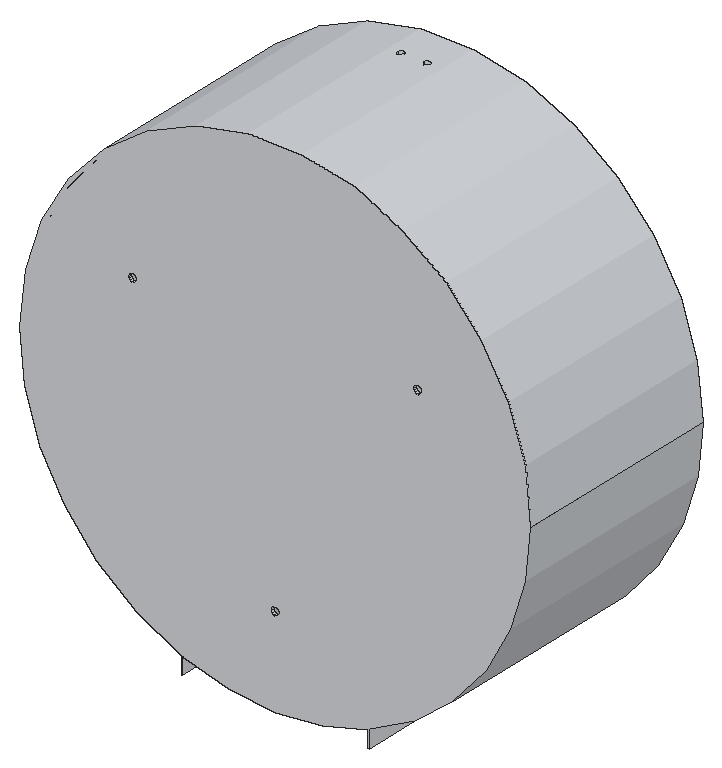
Revit family "AX8601_0010", category Appareils sanitaires, Revit 2016
Family settings
  Hôte = Mur
  Type d'élément = Normal
  Cote de connecteur circulaire = Utiliser le diamètre
  Numéro OmniClass = 23.75.00.00
  Titre OmniClass = Climate Control (HVAC)
  Toujours verticalement = Oui
  Couper avec des vides une fois chargée = Non
  Partagée = Non
  Point de calcul de pièce = Non
Parameters (values of type "Type 1")
  URL = "https://www.axeuro.com/fr/distributeurs-pour-rouleaux-collectifs-jumbo/25306-distributeur-de-papier-toilette-ax8601.html"
  Type de produit / Type of product = "Distributeur de papier toilette / Paper tissue dispenser"  # constant formula
  Référence / Reference = "AX8601, AX8601P, AX8601W"  # constant formula
  Model = ""
  Manufacturer = ""
  Entreprise / Company = "Axeuro"  # constant formula
  Description = ""
Reference planes
  plane 1 "Mur": y = 0
  plane 2 "Centre (gauche/droite)": x = 0
  plane 3 "Arrière": y = 75
Forms (mm)
  Extrusion 1, solid
    sketch origin (0, 75, 660) x (1, 0, 0) y (0, 0, 1)
      loop
        circle (0, 439.746) r 155
      loop
        circle (0, 439.746) r 153.052
    from -130.121 to 0
  Extrusion 2, solid
    sketch origin (0, 77.975, -0.006) x (1, 0, 0) y (0, 0, 1)
      loop
        arc (4.414, 1048.51) -> (-0.072, 1051.756) -> (-4.409, 1048.312) r 4.583
        line (-4.409, 1048.312) -> (-2.85, 991.891)
        arc (-2.85, 991.891) -> (0.006, 989.052) -> (2.85, 991.902) r 2.85
        line (2.85, 991.902) -> (4.414, 1048.51)
    from -127.38 to -125.951
  Extrusion 3, solid
    sketch origin (0, 75, 0) x (1, 0, 0) y (0, 0, 1)
      loop
        line (-57, 945.246) -> (-56.2, 945.246) -> (-56.2, 957.724) -> (-57, 957.724) -> (-57, 945.246)
    from -130.121 to 0
  Extrusion 4, solid
    sketch origin (0, 75, 0) x (-1, 0, 0) y (0, 0, -1)
      loop
        line (-57, -945.246) -> (-57, -957.724) -> (-56.2, -957.724) -> (-56.2, -945.246) -> (-57, -945.246)
    from -130.121 to 0
  Extrusion 5, solid
    sketch origin (0, 80.121, 0) x (1, 0, 0) y (0, 0, 1)
      loop
        circle (0, 1099.746) r 155
    from -125 to -123.429
  Extrusion 6, void
    sketch origin (0, 0, 0) x (1, 0, 0) y (0, 0, 1)
      loop
        line (-56.2, 991.019) -> (-56.2, 931.432) -> (56.2, 931.432) -> (56.2, 991.019) -> (-56.2, 991.019)
    from -203.55 to -76.571
  Extrusion 7, void
    sketch origin (86.5, 0, -0.391) x (1, 0, 0) y (0, 0, 1)
      loop
        circle (0, 1151.057) r 2.42
    from -76.571 to -75
  Extrusion 8, void
    sketch origin (0, 0, -151.39) x (1, 0, 0) y (0, 0, 1)
      loop
        circle (0, 1151.057) r 2.42
    from -76.571 to -75
  Extrusion 9, solid
    sketch origin (0, -48.429, 0) x (1, 0, 0) y (0, 0, 1)
      loop
        circle (0, 1099.746) r 155
    from -125 to -123.429
  Extrusion 10, void
    sketch origin (-86.5, 0, -0.391) x (1, 0, 0) y (0, 0, 1)
      loop
        circle (0, 1151.057) r 2.42
    from -76.571 to -75
  Extrusion 11, void
    sketch origin (-24.043, -46.035, 0) x (1, 0, 0) y (0, 1, 0)
      loop
        circle (16.043, 226.006) r 1.75
    from 1250.646 to 1256.485
  Extrusion 12, void
    sketch origin (-8.043, -46.035, 0) x (1, 0, 0) y (0, 1, 0)
      loop
        circle (16.043, 226.006) r 1.75
    from 1250.646 to 1256.485
Cuts and joins
  Extrusion 6, Extrusion 7, Extrusion 10, Extrusion 11, Extrusion 12 cuts Extrusion 1
  Extrusion 7, Extrusion 10 cuts Extrusion 3
  Extrusion 7, Extrusion 10 cuts Extrusion 4
  Extrusion 7, Extrusion 10 cuts Extrusion 5
  Extrusion 7, Extrusion 8, Extrusion 10 cuts Extrusion 9
  joined: Extrusion 1, Extrusion 3, Extrusion 4, Extrusion 5, Extrusion 9
Lines and regions (mm)
  reference lines
    curve 1: line (-57, 75, 951.485) -> (-56.2, 75, 951.485)
Text (mm)
  text "Côté de la mise en place" at (-1820.995, 1116.779, 0), in view "Niveau de réf."
  text "Côté de la mise en place" at (0, 1334.055, 2976.191), in view "Gauche"
  text "Côté de la mise en place" at (0, 439.194, 2944.362), in view "Droite"
Dimensions and locks
  locked: plane 3 "Arrière" to host wall
  aligned and locked: plane 1 "Mur" to host wall
